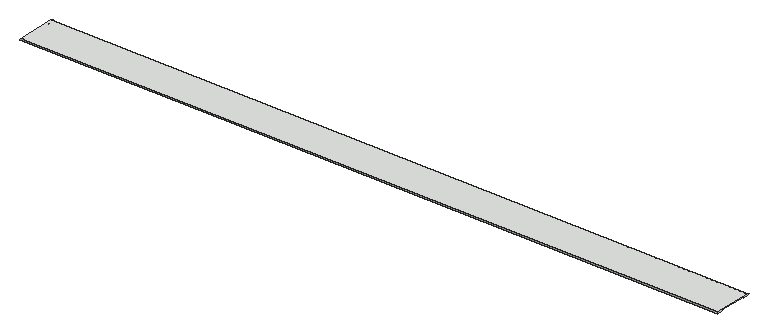
Revit family "profiles PR677 2015", category Generic Models, Revit 2015
Parameters (values of type "ISOLAMIN PR677 flashing")
  Profile Length [instance] = 1180 mm
Reference planes
  plane 1 "Center (Front/Back)": y = 0
  plane 2: z = 0
  plane 3 "Center (Left/Right)": x = 0
  plane 4: x = 1180
Forms (mm)
  Extrusion 1, solid, material "ISOLAMIN Surface Material"
    sketch origin (0, 6.999, -5.481) x (0, 1, 0) y (0, 0, 1)
      loop
        line (-16.355, 6.465) -> (-16.355, 5.465) -> (-7.799, 5.465)
        arc (-7.799, 5.465) -> (-7.055, 6.465) -> (-7.799, 7.465) r 1.044
        line (-7.799, 7.465) -> (-71.312, 7.465)
        arc (-71.312, 7.465) -> (-72.056, 6.465) -> (-71.312, 5.465) r 1.044
        line (-71.312, 5.465) -> (-62.756, 5.465) -> (-62.756, 6.465) -> (-16.355, 6.465)
    from 0 to 1180
Dimensions and locks
  "Profile Length": plane 3 "Center (Left/Right)" to plane 4
  aligned and locked: level to plane 2
  aligned and locked: plane 4 to Extrusion 1
Automatic sketch dimensions
  level to Extrusion 1 sketch curve = 0.984 mm
  plane 1 "Center (Front/Back)" to Extrusion 1 sketch curve = 9.356 mm
  Extrusion 1 sketch curve to Extrusion 1 sketch curve = 46.4 mm
  Extrusion 1 sketch curve to Extrusion 1 sketch curve = 1 mm  (x3)
  plane 1 "Center (Front/Back)" to Extrusion 1 sketch curve = 0.8 mm
  Extrusion 1 sketch curve to Extrusion 1 sketch curve = 0.3 mm  (x4)
  Extrusion 1 sketch curve to Extrusion 1 sketch curve = 8.556 mm
